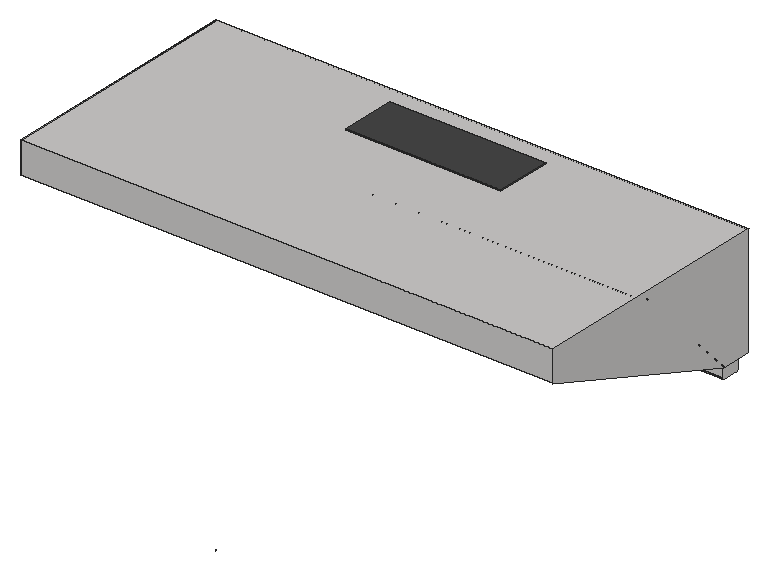
Revit family "QF_ELECTROLUXPROFESSIONAL_642092_MP1124DT", category Specialty Equipment, Revit 2014
Reference planes
  plane 1 "Center (Front/Back)": y = 0
  plane 2: z = 0
  plane 3 "Center (Left/Right)": x = 150
  plane 4 "LEFT": x = -1050
  plane 5 "RIGHT": x = 1350
  plane 6 "BACK": y = 550
  plane 7 "FRONT": y = -550
  plane 8 "Plane": z = 2000
  plane 9 "TOP": z = 2140
  plane 10 "Base": z = 1640
  plane 11: z = 1566
  plane 12 "DrainY": y = 485
  plane 13: x = -1047
  plane 14: through (0, 414.509, 1640.8) normal (0, 0.7314, 0.682)
  plane 15: y = 470
  plane 16: y = 220
  plane 17 "DrainX": x = 1230
  plane 18: x = 500
  plane 19: x = -200
  plane 20: x = 1347
  plane 21: x = 1140
  plane 22: x = 1320
  plane 23: x = -1010
  plane 24: x = -645
  plane 25: x = -450
  plane 26: x = 1310
  plane 27: x = 945
  plane 28: x = 750
  plane 29: x = -47.5
  plane 30: x = 347.5
Forms (mm)
  Extrusion 1, solid, material "QF_Finishes_Stainless Steel"
    sketch origin (-1050, 0, 0) x (0, 1, 0) y (0, 0, 1)
      loop
        line (550, 1640) -> (550, 2140) -> (-550, 2140) -> (-550, 1999.112) -> (413.973, 1640) -> (550, 1640)
    from 0 to 3
  Extrusion 2, solid, material "QF_Finishes_Stainless Steel"
    sketch origin (150, 0, 0) x (0, 1, 0) y (0, 0, 1)
      loop
        line (415.255, 1640) -> (550, 1640) -> (550, 2139.19) -> (549.2, 2139.19) -> (549.2, 1640.8) -> (415.876, 1640.8) -> (339.347, 1722.867) -> (349.609, 1732.436) -> (348.927, 1733.167) -> (337.934, 1722.917) -> (415.255, 1640)
      loop
        line (-82.203, 2139.19) -> (-82.203, 2118.6) -> (-31.047, 2118.6) -> (34.354, 2048.466) -> (46.028, 2059.352) -> (45.346, 2060.083) -> (34.403, 2049.879) -> (-30.612, 2119.6) -> (-81.203, 2119.6) -> (-81.203, 2139.19) -> (-82.203, 2139.19)
    from -1197 to 1197
  Extrusion 3, solid, material "QF_Finishes_Stainless Steel"
    sketch origin (1350, 0, 0) x (0, 1, 0) y (0, 0, 1)
      loop
        line (550, 1640) -> (550, 2140) -> (-550, 2140) -> (-550, 1999.112) -> (413.973, 1640) -> (550, 1640)
    from 0 to -3
  Extrusion 4, solid, material "QF_Finishes_Stainless Steel"
    sketch origin (150, 0, 0) x (0, 1, 0) y (0, 0, 1)
      loop
        line (-550, 2140) -> (-550, 2000) -> (-549.2, 2000) -> (-549.2, 2139.19) -> (550, 2139.19) -> (550, 2140) -> (-550, 2140)
    from -1200 to 1200
  Extrusion 5, solid, material "QF_Finishes_Stainless Steel"
    sketch origin (150, 0, 0) x (0, 1, 0) y (0, 0, 1)
      loop
        line (534, 1640) -> (436, 1640) -> (436, 1627) -> (443.5, 1627) -> (443.5, 1576)
        arc (443.5, 1576) -> (446.429, 1568.929) -> (453.5, 1566) r 10
        line (453.5, 1566) -> (516.5, 1566)
        arc (516.5, 1566) -> (523.571, 1568.929) -> (526.5, 1576) r 10
        line (526.5, 1576) -> (526.5, 1627) -> (534, 1627) -> (534, 1640)
    from 990 to 1170
  Extrusion 6, solid, material "QF_Finishes_Stainless Steel"
    sketch origin (0, 0, 1640) x (0, 1, 0) y (-1, 0, 0)
      loop
        circle (485, -1230) r 20
    from -76 to -74
  Extrusion 7, solid, material "QF_Finished_Chrome"
    sketch origin (150, 0, 0) x (0, 1, 0) y (0, 0, 1)
      loop
        line (337.934, 1722.917) -> (341.591, 1726.327) -> (38.011, 2051.876) -> (34.354, 2048.466) -> (337.934, 1722.917)
    from -795 to -1160
  Extrusion 8, solid, material "QF_Finished_Chrome"
    sketch origin (150, 0, 0) x (0, 1, 0) y (0, 0, 1)
      loop
        line (337.934, 1722.917) -> (341.591, 1726.327) -> (38.011, 2051.876) -> (34.354, 2048.466) -> (337.934, 1722.917)
    from -197.5 to -600
  Extrusion 9, solid, material "QF_Finishes_Stainless Steel"
    sketch origin (150, 0, 0) x (0, 1, 0) y (0, 0, 1)
      loop
        line (337.934, 1722.917) -> (341.591, 1726.327) -> (38.011, 2051.876) -> (34.354, 2048.466) -> (337.934, 1722.917)
    from 1197 to 1160
  Extrusion 10, solid, material "QF_Finishes_Stainless Steel"
    sketch origin (150, 0, 0) x (0, 1, 0) y (0, 0, 1)
      loop
        line (341.588, 1726.324) -> (38.009, 2051.874) -> (34.354, 2048.466) -> (337.934, 1722.917) -> (341.588, 1726.324)
    from -795 to -600
  Extrusion 11, solid, material "QF_Finished_Chrome"
    sketch origin (150, 0, 0) x (0, 1, 0) y (0, 0, 1)
      loop
        line (341.588, 1726.324) -> (38.009, 2051.874) -> (34.354, 2048.466) -> (337.934, 1722.917) -> (341.588, 1726.324)
    from 795 to 1160
  Extrusion 12, solid, material "QF_Finishes_Black"
    sketch origin (0, 0, 2140) x (0, 1, 0) y (-1, 0, 0)
      loop
        line (470, 200) -> (220, 200) -> (220, -500) -> (470, -500) -> (470, 200)
    from 5 to 0
  Extrusion 13, solid, material "QF_Finishes_Stainless Steel"
    sketch origin (0, 0, 0) x (1, 0, 0) y (0, 1, 0)
      loop
        line (-1050, 550) -> (-1050, 549) -> (-1049, 549) -> (-1049, 550) -> (-1050, 550)
    from 0 to 1
  Extrusion 14, solid, material "QF_Finishes_Stainless Steel"
    sketch origin (150, 0, 0) x (0, 1, 0) y (0, 0, 1)
      loop
        line (337.934, 1722.917) -> (341.591, 1726.327) -> (38.011, 2051.876) -> (34.354, 2048.466) -> (337.934, 1722.917)
    from -1160 to -1197
  Extrusion 15, solid, material "QF_Finishes_Stainless Steel"
    sketch origin (150, 0, 0) x (0, 1, 0) y (0, 0, -1)
      loop
        line (341.588, -1726.324) -> (337.934, -1722.917) -> (34.354, -2048.466) -> (38.009, -2051.874) -> (341.588, -1726.324)
    from -795 to -600
  Extrusion 16, solid, material "QF_Finished_Chrome"
    sketch origin (150, 0, 0) x (0, 1, 0) y (0, 0, 1)
      loop
        line (337.934, 1722.917) -> (341.591, 1726.327) -> (38.011, 2051.876) -> (34.354, 2048.466) -> (337.934, 1722.917)
    from 600 to 197.5
  Extrusion 17, solid, material "QF_Finishes_Stainless Steel"
    sketch origin (150, 0, 0) x (0, 1, 0) y (0, 0, -1)
      loop
        line (341.588, -1726.324) -> (337.934, -1722.917) -> (34.354, -2048.466) -> (38.009, -2051.874) -> (341.588, -1726.324)
    from -197.5 to 197.5
Cuts and joins
  joined: Extrusion 2, Extrusion 4
Lines and regions (mm)
  reference lines
    curve 1: line (150, 34.354, 2048.466) -> (150, 34.354, 1888.466)
  symbolic lines, style "SpecialityEquipment", detail levels coarse
    curve 2: line (1350, 550, 2140) -> (-1050, 550, 2140)
    curve 3: line (-1050, 550, 2140) -> (-1050, -550, 2140)
    curve 4: line (1350, -550, 2140) -> (1350, 550, 2140)
    curve 5: line (-1050, -550, 2140) -> (1350, -550, 2140)
    curve 6: line (-200, 220, 2140) -> (500, 220, 2140)
    curve 7: line (-200, 470, 2140) -> (-200, 220, 2140)
    curve 8: line (500, 470, 2140) -> (-200, 470, 2140)
    curve 9: line (500, 220, 2140) -> (500, 470, 2140)
    curve 10: line (-1050, 550, 0) -> (1350, -550, 0)
    curve 11: line (1350, 550, 0) -> (-1050, -550, 0)
Dimensions and locks
  plane 4 "LEFT" to plane 5 "RIGHT" = 2400 mm
  equal spacing: plane 4 "LEFT", plane 3 "Center (Left/Right)", plane 5 "RIGHT"
  locked: plane 8 "Plane" to level at 2000
  plane 9 "TOP" to plane 8 "Plane" = 140 mm
  locked: plane 9 "TOP" to plane 10 "Base" at 500
  plane 10 "Base" to plane 11 = 74 mm
  plane 6 "BACK" to plane 12 "DrainY" = 65 mm  (x2)
  plane 4 "LEFT" to plane 13 = 3 mm
  plane 6 "BACK" to plane 15 = 80 mm
  plane 15 to plane 16 = 250 mm  (x2)
  plane 17 "DrainX" to plane 5 "RIGHT" = 120 mm
  plane 20 to plane 5 "RIGHT" = 3 mm
  locked: plane 21 to plane 17 "DrainX" at 90
  locked: plane 17 "DrainX" to plane 22 at 90
  plane 6 "BACK" to plane 7 "FRONT" = 1100 mm  (x2)
  equal spacing: plane 6 "BACK", plane 1 "Center (Front/Back)", plane 7 "FRONT"
  plane 16 to plane 7 "FRONT" = 770 mm
  plane 15 to plane 6 "BACK" = 80 mm
  locked: plane 4 "LEFT" to plane 23 at 40
  locked: plane 23 to plane 24 at 365
  locked: plane 24 to plane 25 at 195
  locked: plane 26 to plane 27 at 365
  locked: plane 27 to plane 28 at 195
  locked: plane 26 to plane 5 "RIGHT" at 40
  locked: plane 29 to plane 30 at 395
  equal spacing: plane 29, plane 3 "Center (Left/Right)", plane 30
  locked: plane 19 to plane 18 at 700
  equal spacing: plane 19, plane 3 "Center (Left/Right)", plane 18
  plane 25 to plane 29 = 402.5 mm
  plane 30 to plane 28 = 402.5 mm
  aligned and locked: level to plane 2
  aligned and locked: Extrusion 2 to Extrusion 1
  aligned and locked: Extrusion 2 to Extrusion 3
  aligned and locked: plane 5 "RIGHT" to Extrusion 4
  aligned and locked: Extrusion 4 to plane 4 "LEFT"
  aligned and locked: plane 20 to Extrusion 9
  aligned and locked: plane 19 to Extrusion 12
  aligned and locked: Extrusion 12 to plane 18
  aligned and locked: Extrusion 12 to plane 16
  aligned and locked: Extrusion 12 to plane 15
  aligned and locked: Extrusion 2 to Extrusion 4
  aligned and locked: plane 22 to Extrusion 5
  aligned and locked: Extrusion 5 to plane 21
  aligned and locked: Extrusion 9 to plane 26
  aligned and locked: Extrusion 11 to plane 26
  aligned and locked: Extrusion 11 to plane 27
  aligned and locked: Extrusion 8 to plane 25
  aligned and locked: plane 25 to Extrusion 10
  aligned and locked: Extrusion 10 to plane 24
  aligned and locked: plane 24 to Extrusion 7
  aligned and locked: Extrusion 7 to plane 23
  aligned and locked: Extrusion 14 to plane 13
  aligned and locked: plane 23 to Extrusion 14
  aligned and locked: Extrusion 15 to plane 28
  aligned and locked: Extrusion 15 to plane 27
  aligned and locked: Extrusion 3 to plane 20
  aligned and locked: plane 29 to Extrusion 8
  aligned and locked: Extrusion 16 to plane 28
  aligned and locked: Extrusion 16 to plane 30
  aligned and locked: plane 30 to Extrusion 17
  aligned and locked: Extrusion 17 to plane 29
Automatic sketch dimensions
  curve 5 to plane 4 "LEFT" = 0 mm
  curve 5 to plane 7 "FRONT" = 0 mm
  curve 9 to plane 16 = 0 mm
  plane 15 to curve 8 = 0 mm
  curve 3 to plane 6 "BACK" = 0 mm
  curve 5 to plane 5 "RIGHT" = 0 mm
  curve 6 to plane 18 = 0 mm
  curve 6 to plane 19 = 0 mm
  Extrusion 1 sketch curve to plane 7 "FRONT" = 0 mm
  Extrusion 1 sketch curve to plane 10 "Base" = 0 mm
  Extrusion 1 sketch curve to plane 6 "BACK" = 0 mm
  Extrusion 1 sketch curve to plane 9 "TOP" = 0 mm
  plane 15 to Extrusion 1 sketch curve = 56.027 mm
  Extrusion 1 sketch curve to plane 8 "Plane" = 0.888 mm
  Extrusion 2 sketch curve to plane 14 = 0 mm  (x3)
  Extrusion 2 sketch curve to plane 10 "Base" = 0 mm
  plane 14 to Extrusion 2 sketch curve = 0 mm
  Extrusion 2 sketch curve to plane 6 "BACK" = 0 mm
  Extrusion 2 sketch curve to Extrusion 2 sketch curve = 65.646 mm
  Extrusion 2 sketch curve to Extrusion 2 sketch curve = 0.682 mm  (x2)
  Extrusion 2 sketch curve to Extrusion 2 sketch curve = 10.261 mm
  plane 10 "Base" to Extrusion 2 sketch curve = 82.917 mm
  Extrusion 2 sketch curve to plane 1 "Center (Front/Back)" = 46.028 mm
  Extrusion 2 sketch curve to Extrusion 2 sketch curve = 10.942 mm
  Extrusion 2 sketch curve to Extrusion 2 sketch curve = 0.049 mm
  Extrusion 2 sketch curve to plane 9 "TOP" = 20.4 mm
  Extrusion 2 sketch curve to plane 9 "TOP" = 21.4 mm
  Extrusion 2 sketch curve to plane 9 "TOP" = 0.81 mm  (x2)
  Extrusion 2 sketch curve to Extrusion 2 sketch curve = 50.156 mm
  Extrusion 2 sketch curve to Extrusion 2 sketch curve = 1 mm
  plane 10 "Base" to Extrusion 2 sketch curve = 0.8 mm
  Extrusion 2 sketch curve to plane 6 "BACK" = 0.8 mm
  Extrusion 3 sketch curve to plane 7 "FRONT" = 0 mm
  Extrusion 3 sketch curve to plane 10 "Base" = 0 mm
  Extrusion 3 sketch curve to plane 6 "BACK" = 0 mm
  Extrusion 3 sketch curve to plane 9 "TOP" = 0 mm
  plane 15 to Extrusion 3 sketch curve = 56.027 mm
  Extrusion 3 sketch curve to plane 8 "Plane" = 0.888 mm
  Extrusion 4 sketch curve to plane 7 "FRONT" = 0 mm
  Extrusion 4 sketch curve to plane 8 "Plane" = 0 mm
  Extrusion 4 sketch curve to plane 6 "BACK" = 0 mm
  Extrusion 4 sketch curve to plane 9 "TOP" = 0 mm
  plane 7 "FRONT" to Extrusion 4 sketch curve = 0.8 mm
  Extrusion 4 sketch curve to plane 9 "TOP" = 0.81 mm
  curve 1 to plane 14 = 0 mm
  curve 1 to plane 1 "Center (Front/Back)" = 34.354 mm
  curve 1 to plane 8 "Plane" = 111.534 mm
  Extrusion 5 sketch curve to plane 10 "Base" = 0 mm
  Extrusion 5 sketch curve to plane 11 = 0 mm
  Extrusion 5 sketch curve to plane 10 "Base" = 13 mm  (x2)
  plane 15 to Extrusion 5 sketch curve = 34 mm
  Extrusion 5 sketch curve to Extrusion 5 sketch curve = 7.5 mm  (x2)
  Extrusion 5 sketch curve to Extrusion 5 sketch curve = 10 mm
  plane 12 "DrainY" to Extrusion 5 sketch curve = 31.5 mm
  Extrusion 5 sketch curve to plane 6 "BACK" = 23.5 mm
  Extrusion 6 sketch curve to plane 12 "DrainY" = 0 mm
  Extrusion 6 sketch curve to plane 17 "DrainX" = 0 mm
  Extrusion 7 sketch curve to plane 14 = 0 mm  (x2)
  Extrusion 7 sketch curve to plane 1 "Center (Front/Back)" = 34.354 mm
  Extrusion 7 sketch curve to Extrusion 7 sketch curve = 3.657 mm
  plane 10 "Base" to Extrusion 7 sketch curve = 82.917 mm
  Extrusion 8 sketch curve to plane 14 = 0 mm  (x2)
  Extrusion 8 sketch curve to plane 1 "Center (Front/Back)" = 34.354 mm
  Extrusion 8 sketch curve to Extrusion 8 sketch curve = 3.657 mm
  plane 10 "Base" to Extrusion 8 sketch curve = 82.917 mm
  Extrusion 9 sketch curve to plane 14 = 0 mm  (x2)
  Extrusion 9 sketch curve to plane 1 "Center (Front/Back)" = 34.354 mm
  Extrusion 9 sketch curve to Extrusion 9 sketch curve = 3.657 mm
  plane 10 "Base" to Extrusion 9 sketch curve = 82.917 mm
  Extrusion 10 sketch curve to plane 14 = 0 mm  (x2)
  Extrusion 10 sketch curve to plane 1 "Center (Front/Back)" = 34.354 mm
  Extrusion 10 sketch curve to Extrusion 10 sketch curve = 3.655 mm
  plane 10 "Base" to Extrusion 10 sketch curve = 82.917 mm
  Extrusion 11 sketch curve to plane 14 = 0 mm  (x2)
  Extrusion 11 sketch curve to plane 1 "Center (Front/Back)" = 34.354 mm
  Extrusion 11 sketch curve to Extrusion 11 sketch curve = 3.655 mm
  plane 10 "Base" to Extrusion 11 sketch curve = 82.917 mm
  Extrusion 12 sketch curve to plane 16 = 0 mm
  plane 15 to Extrusion 12 sketch curve = 0 mm
  Extrusion 12 sketch curve to plane 18 = 0 mm
  Extrusion 12 sketch curve to plane 19 = 0 mm
  Extrusion 13 sketch curve to plane 4 "LEFT" = 0 mm
  Extrusion 13 sketch curve to plane 6 "BACK" = 0 mm
  plane 4 "LEFT" to Extrusion 13 sketch curve = 1 mm
  Extrusion 13 sketch curve to Extrusion 13 sketch curve = 1 mm
  Extrusion 14 sketch curve to plane 14 = 0 mm  (x2)
  Extrusion 14 sketch curve to plane 1 "Center (Front/Back)" = 34.354 mm
  Extrusion 14 sketch curve to Extrusion 14 sketch curve = 3.657 mm
  plane 10 "Base" to Extrusion 14 sketch curve = 82.917 mm
  Extrusion 15 sketch curve to plane 14 = 0 mm  (x2)
  Extrusion 15 sketch curve to plane 1 "Center (Front/Back)" = 34.354 mm
  Extrusion 15 sketch curve to Extrusion 15 sketch curve = 3.655 mm
  plane 10 "Base" to Extrusion 15 sketch curve = 82.917 mm
  Extrusion 16 sketch curve to plane 14 = 0 mm  (x2)
  Extrusion 16 sketch curve to plane 1 "Center (Front/Back)" = 34.354 mm
  Extrusion 16 sketch curve to Extrusion 16 sketch curve = 3.657 mm
  plane 10 "Base" to Extrusion 16 sketch curve = 82.917 mm
  Extrusion 17 sketch curve to plane 14 = 0 mm  (x2)
  Extrusion 17 sketch curve to plane 1 "Center (Front/Back)" = 34.354 mm
  Extrusion 17 sketch curve to Extrusion 17 sketch curve = 3.655 mm
  plane 10 "Base" to Extrusion 17 sketch curve = 82.917 mm
  curve 11 to plane 4 "LEFT" = 0 mm
  curve 10 to plane 4 "LEFT" = 0 mm
  curve 11 to plane 5 "RIGHT" = 0 mm
  curve 10 to plane 5 "RIGHT" = 0 mm
  curve 10 to plane 7 "FRONT" = 0 mm
  curve 11 to plane 7 "FRONT" = 0 mm
  curve 11 to plane 6 "BACK" = 0 mm
  curve 10 to plane 6 "BACK" = 0 mm
  radius of Extrusion 6 sketch curve = 20 mm
Connectors
  piping at (1230, 485, 1564), diameter 20
    settings: on Extrusion 6, index 1, connector inside diameter 609.6 mm, connector length 0 mm, flow factor 0, pipe flow 0.0 L/s, pressure drop 0.0 Pa, fitting loss kfactor 0, connector angle 0.00°, fixture units 0, engagement length 0 mm, angle of deflection 0.00°, flow configuration 1, flow direction 2, fitting loss method 0, system type 16, joint type 0, gender type 0, connector reference index -1, connector utility 0, adjustable connector no, is connector primary yes, connector description "Drain"
  hvac at (150, 345, 2145)
    settings: on Extrusion 12, index 2, duct flow 0.0 L/s, flow factor 0, pres drop 0.0 Pa, loss coef 0, conn angle 0.00°, conn width 250 mm, conn height 700 mm, conn diameter 609.6 mm, duct sys type 3, conn prof type 1, flow config 1, flow direction 0, loss method 0, conn ref index -1, conn util no, is conn primary yes, conn desc "EXHAUST OUTLET"
